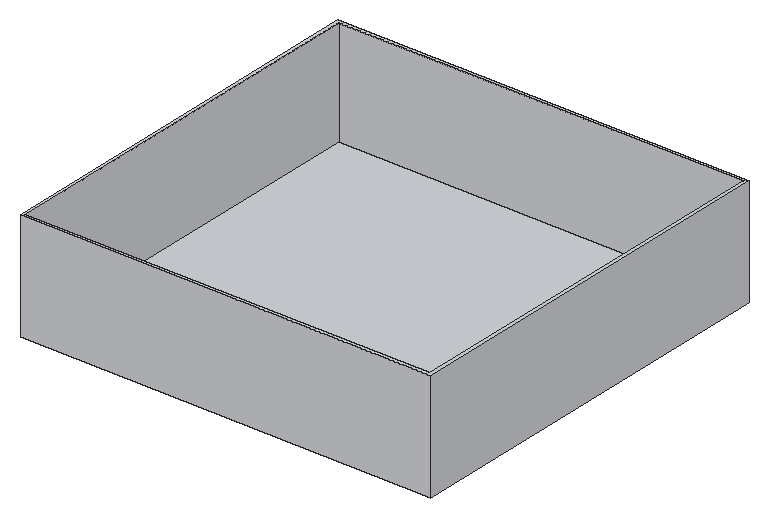
Revit family "Typ.B_TP&N_Cable_Spreader_Boxes_250A-empty-UK-en", category Electrical Equipment, host Face, Revit 2020
Family settings
  Host = Face
  Panel Configuration = Two Columns, Circuits Across
  Round Connector Dimension = Use Diameter
  Part Type = Panelboard
  Cut with Voids When Loaded = No
  Shared = No
  Room Calculation Point = No
Parameters (values of type "Surface mounted P2XC W465 H450 D124.5 0 Modular spacings - JK202LE")
  Width Control [instance] = if([HG000006 - Flush mounted], if([EF000846 - Built-in width] > min_whd, [EF000846 - Built-in width], min_whd), if([EF000008 - Width] > min_whd, ([EF000008 - Width]), min_whd))  # 465 mm
  Void Depth [instance] = if([HG000006 - Flush mounted], Depth Control, 1 mm)  # 1 mm
  Type Comments = [HG000003 - Range]  # "Type B TP&N Distribution Boards"
  System Height [instance] = Height Control - 2 * [HG000005 - Thickness]  # 444 mm
  Model = [HG000004 - Manufacturer reference]  # "JK202LE"
  HG000017 - Distance between poles = 18 mm
  HG000016 - Door 3d visibility [instance] = yes
  HG000015 - Clearance visibility [instance] = no
  HG000014 - Door on the right [instance] = yes
  HG000013 - Door on the left [instance] = not([HG000014 - Door on the right])  # no
  HG000012 - Door swing angle [instance] = 45.00°
  HG000011 - Empty rows from bottom = no
  HG000005 - Thickness = 3 mm  # constant formula
  Arrow Offset [instance] = Depth Control / 8  # 15.5 mm
  Arrow Height [instance] = Depth Control - Arrow Offset  # 108.5 mm
  Host Offset [instance] = if([HG000006 - Flush mounted], 0 mm, [EF000049 - Depth])  # 124 mm
  min_whd [instance] = (2 * [HG000005 - Thickness]) + 1 mm  # 7 mm
  Manufacturer = "Hager"  # constant formula
  Height Control [instance] = if([HG000006 - Flush mounted], if([EF000332 - Built-in height] > min_whd, [EF000332 - Built-in height], min_whd), if([EF000040 - Height] > min_whd, ([EF000040 - Height]), min_whd))  # 450 mm
  HG000010 - Asymmetric doors = no
  HG000009 - Double swing door = no
  HG000008 - Number of empty rows = 0
  HG000007 - Number of empty columns = 0
  HG000006 - Flush mounted = no
  HG000004 - Manufacturer reference = "JK202LE"
  HG000003 - Range = "Type B TP&N Distribution Boards"
  HG000002 - With door or cover = no
  HG000001 - Number of columns = 0
  Flush Mounted - Door Frame Width [instance] = if(([EF000040 - Height] - [EF000332 - Built-in height]) > 0 mm, if([HG000006 - Flush mounted], [EF000040 - Height] - [EF000332 - Built-in height], 0 mm), 0 mm)  # 0 mm
  EF015941 - Signal passing door = no
  EF015777 - Neutral terminal block = no
  EF015776 - Earthing terminal block = no
  EF009212 - Cover model = ""
  EF006306 - With lock = no
  EF006244 - Transparent cover/door = no
  EF005474 - Degree of protection (IP) = "EV009848 - IP2XC"
  EF004462 - Type of closure = "EV000154 - Other"
  EF002950 - Width in number of modular spacings = 0
  EF001596 - Material housing = "EV000179 - Steel"
  EF001134 - DIN-rail = no
  EF001131 - Internal depth = 0 mm
  EF001088 - Extension possible = no
  EF001062 - EMC-version = no
  EF000846 - Built-in width = 0 mm
  EF000339 - Type of cover = "EV005746 - Optional"
  EF000332 - Built-in height = 0 mm
  EF000266 - Number of rows = 0
  EF000218 - Built-in depth = 0 mm
  EF000118 - With mounting plate = no
  EF000116 - RAL-number = "7035"
  EF000049 - Depth = 124 mm
  EF000040 - Height = 450 mm
  EF000008 - Width = 465 mm
  EF000007 - Colour = "EV000154 - Other"
  EF000003 - Mounting method = "EV000384 - Surface mounted (plaster)"
  Depth Control [instance] = if([HG000006 - Flush mounted], if([EF000218 - Built-in depth] > 0 mm, [EF000218 - Built-in depth], 1 mm), if([EF000049 - Depth] > 0 mm, ([EF000049 - Depth]), 1 mm))  # 124 mm
  Default Elevation = 0 mm
Types (2, lengths in mm): name | System Height | Model | Height Control | HG000004 - Manufacturer reference | EF005474 - Degree of protection (IP) | EF000040 - Height
  Surface mounted  W465 H300 D124.5 0 Modular spacings - JK201SE | 294 | "JK201SE" | 300 | "JK201SE" | "" | 300
  Surface mounted P2XC W465 H450 D124.5 0 Modular spacings - JK202LE | 444 | "JK202LE" | 450 | "JK202LE" | "EV009848 - IP2XC" | 450
Reference planes
  plane 1 "Center (Front/Back)": y = 0
  plane 2: z = 0
  plane 3 "Center (Left/Right)": x = 0
  plane 4: z = 124
  plane 5: y = 3
  plane 6: z = 119
  plane 7: y = 225
  plane 8: y = 0
  plane 9: y = 450
  plane 10: z = 0
  plane 11: x = -232.5
  plane 12: x = 232.5
  plane 13: x = 229.5
  plane 14: x = -229.5
  plane 15: y = 447
  plane 16: z = 3
  plane 17: z = 121
  plane 18: z = -1
  plane 19: z = 121
Forms (mm)
  Extrusion 1, solid
    sketch origin (-583.045, 0, 1219.2) x (-1, 0, 0) y (0, 0, 1)
      loop
        line (-350.545, -1095.2) -> (-815.545, -1095.2) -> (-815.545, -1219.2) -> (-350.545, -1219.2) -> (-350.545, -1095.2)
    from 0 to 450 <- "Height Control"
  Extrusion 2, void
    sketch origin (-381.607, -4572, 124) x (0, -1, 0) y (-1, 0, 0)
      loop
        line (-5019, -152.107) -> (-5019, -611.107) -> (-4575, -611.107) -> (-4575, -152.107) -> (-5019, -152.107)
    from 0 to 121
  Extrusion 3, void
    sketch origin (0, 0, 0) x (1, 0, 0) y (0, 1, 0)
      loop
        line (-232.5, 0) -> (232.5, 0) -> (232.5, 450) -> (-232.5, 450) -> (-232.5, 0)
    from -1 to 1
  Extrusion 4, solid, detail levels coarse+medium
    sketch origin (-381.607, -4572, 124) x (-1, 0, 0) y (0, -1, 0)
      loop
        line (-152.107, -5019) -> (-152.107, -4575) -> (-611.107, -4575) -> (-611.107, -5019) -> (-152.107, -5019)
    from 0 to -3
Cuts and joins
  Extrusion 2 cuts Extrusion 1
Dimensions and locks
  plane 4 to plane 6 = 5 mm
  "Host Offset": plane 4 to host face
  "Flush Mounted - Door Frame Width": plane 1 "Center (Front/Back)" to plane 8
  "HG000005 - Thickness": plane 5 to plane 8
  locked: connector elem to plane 3 "Center (Left/Right)"
  "Height Control": plane 9 to plane 8
  equal spacing: plane 9, plane 7, plane 8
  locked: connector elem to plane 7
  "Depth Control": plane 4 to plane 10
  "HG000005 - Thickness": plane 11 to plane 14
  "HG000005 - Thickness": plane 12 to plane 13
  equal spacing: plane 11, plane 3 "Center (Left/Right)", plane 12
  "Width Control": plane 11 to plane 12
  "Arrow Offset": nested 4 to plane 10
  "HG000005 - Thickness": plane 9 to plane 15
  "HG000005 - Thickness": plane 16 to plane 10
  "HG000005 - Thickness": plane 4 to plane 17
  "Void Depth": plane 2 to plane 18
  "HG000005 - Thickness": plane 4 to plane 19
  aligned and locked: plane 2 to host face
  aligned and locked: level to host face
  aligned and locked: plane 3 "Center (Left/Right)" to nested 2
  aligned and locked: plane 4 to nested 2
  aligned and locked: nested 2 to plane 8
  aligned and locked: nested 1 to plane 6
  aligned and locked: nested 1 to plane 5
  aligned and locked: nested 4 to plane 11
  aligned and locked: nested 3 to plane 4
  aligned and locked: Extrusion 1 sketch curve to plane 12
  aligned and locked: Extrusion 1 sketch curve to plane 11
  aligned and locked: nested 3 to plane 10
  aligned and locked: plane 10 to Extrusion 1 sketch curve
  aligned and locked: Extrusion 2 sketch curve to plane 5
  aligned and locked: Extrusion 2 sketch curve to plane 15
  aligned and locked: Extrusion 2 sketch curve to plane 14
  aligned and locked: Extrusion 2 sketch curve to plane 13
  aligned and locked: plane 11 to Extrusion 3 sketch curve
  aligned and locked: plane 9 to Extrusion 3 sketch curve
  aligned and locked: Extrusion 3 sketch curve to plane 8
  aligned and locked: plane 12 to Extrusion 3 sketch curve
  aligned and locked: nested 3 to plane 12
  aligned and locked: Extrusion 3 to plane 18
  aligned and locked: Extrusion 2 to plane 16
  aligned and locked: Extrusion 1 sketch curve to plane 4
  aligned and locked: Extrusion 4 to plane 17
  aligned and locked: Extrusion 4 sketch curve to plane 15
  aligned and locked: Extrusion 4 sketch curve to plane 13
  aligned and locked: Extrusion 4 sketch curve to plane 14
  aligned and locked: Extrusion 4 sketch curve to plane 5
Automatic sketch dimensions
  host sketch curve to host sketch curve = 1469.727 mm
  host sketch curve to host sketch curve = 1434.803 mm
Nested families
  nested 1: "Hager_Enclosure_System" at (0, 3, 119) x (1, 0, 0) z (0, 1, 0), Depth <- "HG000005 - Thickness", Height <- "System Height", Width <- "EF000008 - Width", Border <- "HG000005 - Thickness", Flush_Mounted <- "HG000006 - Flush mounted", Built-in_Width <- "EF000846 - Built-in width", Row_Module_Multiplicator <- "EF002950 - Width in number of modular spacings", Total_No_Empty_Rows <- "HG000008 - Number of empty rows", Total_No_Rows <- "EF000266 - Number of rows", Empty_Columns <- "HG000007 - Number of empty columns", Width_Control <- "Width Control", Empty_Rows_From_Bottom <- "HG000011 - Empty rows from bottom", Distance_Between_Poles <- "HG000017 - Distance between poles", Rows_Count <- "EF000266 - Number of rows", Columns_Count <- "HG000001 - Number of columns", type "Hager_Enclosure_System", detail levels fine
    with Width_Control 465 mm, Width 465 mm, Total_No_Rows 0, Total_No_Empty_Rows 0, Total_No_Columns 1, System_Width 459 mm, Rows_Count 0, Rows_Column 0, Row_Module_Multiplicator 0, Panel_4 no, Panel_3 no, Panel_2 no, Panel_1 no, No_Panels_Ctrl 1, Hide_Columns yes, Height 444 mm, Flush_Mounted no, Empty_Rows_From_Bottom no, Empty_Rows_Column 0, Empty_Columns 0, Distance_Between_Poles 18 mm, Depth 3 mm, Columns_Count 0, Column_Width 459 mm, Built-in_Width 0 mm, Border 3 mm
  nested 2: "Hager_Enclosure_Door" at (0, 0, 124) x (1, 0, 0) z (0, 1, 0), Border <- "HG000005 - Thickness", Door_Right <- "HG000014 - Door on the right", Flush_Mounted <- "HG000006 - Flush mounted", Depth <- "EF000049 - Depth", Width <- "EF000008 - Width", Door_Left <- "HG000013 - Door on the left", 3d_Door <- "HG000016 - Door 3d visibility", BuiltIn_Width <- "EF000846 - Built-in width", BuiltIn_Height <- "EF000332 - Built-in height", BuiltIn_Depth <- "EF000218 - Built-in depth", Angle <- "HG000012 - Door swing angle", Assymetrical <- "HG000010 - Asymmetric doors", Double <- "HG000009 - Double swing door", Clearance <- "HG000015 - Clearance visibility", Transparent <- "EF006244 - Transparent cover/door", Door <- "HG000002 - With door or cover", Height_Ctrl <- "Height Control", Width_Ctrl <- "Width Control", Height <- "EF000040 - Height", type "Hager_Enclosure_Door", detail levels medium+fine
    with min_wh 7 mm, Width_Ctrl 465 mm, Width 465 mm, Transparent_Door_No_Bottom_Border no, Transparent no, Leaf_Width 456 mm, Leaf_Tolerance 1.5 mm, Leaf_Height 441 mm, Leaf_2_Width 456 mm, Leaf_2_Offset 228 mm, Leaf_1_Width 456 mm, Leaf_1_Offset 228 mm, Height_Ctrl 450 mm, Height 450 mm, Frame_Width_Ctrl 465 mm, Frame_Width 465 mm, Frame_Internal_Offset 0 mm, Frame_Height_Ctrl 450 mm, Frame_Height 450 mm, Frame_Depth_Ctrl 1 mm, Frame_Depth 0 mm, Flush_Mounted no, Double_Clearance_Ctrl no, Double no, Door_Right_Ctrl no, Door_Right yes, Door_Left_Ctrl no, Door_Left no, Door no, Depth 124 mm, Clearance_Depth 456 mm, Clearance_Ctrl no, Clearance no, BuiltIn_Width 0 mm, BuiltIn_Height 0 mm, BuiltIn_Depth 0 mm, Border 3 mm, Assymetrical no, Angle 45.00°, 3d_Door yes
  nested 3: "Hager_Enclosure_Symbol_Triangle" at (-232.5, 0, 0) x (1, 0, 0) z (0, -1, 0), Depth <- "Depth Control", Width <- "Width Control", type "Hager_Enclosure_Symbol_Triangle"
    with Width_Ctrl 465 mm, Width 465 mm, Depth_Ctrl 124 mm, Depth 124 mm
  nested 4: "Hager_Enclosure_Symbol_Arrow" at (-232.5, 0, 15.5) x (1, 0, 0) z (0, -1, 0), Height <- "Arrow Height", type "Hager_Enclosure_Symbol_Arrow"
    with Width_Inside 8.137 mm, Width 97.65 mm, Height_Ctrl 108.5 mm, Height 108.5 mm
Connectors
  electrical at (0, 225, 0)
    settings: on plane 10, index 1, voltage 0 V, apparent load 0 VA, apparent load phase1 0 VA, apparent load phase2 0 VA, apparent load phase3 0 VA, power factor 1, load classification "Other", number of poles 1, system type 30, power factor state 1, is connector primary yes, connector utility no, sub classification motor no, connector description ""
Definition of nested family "Hager_Enclosure_Door"
  Parameters (values of type "Hager_Enclosure_Door")
    min_wh [instance] = (2 * Border) + 1 mm  # 11 mm
    Width_Ctrl [instance] = 400 mm
    Width [instance] = 500 mm
    Transparent_Door_No_Bottom_Border [instance] = no
    Transparent [instance] = yes
    Leaf_Width [instance] = if((Width_Ctrl - 2 * Border - 2 * Leaf_Tolerance) > 0 mm, (Width_Ctrl - 2 * Border - 2 * Leaf_Tolerance), min_wh)  # 387 mm
    Leaf_Tolerance [instance] = 1.5 mm  # constant formula
    Leaf_Height [instance] = if((Height_Ctrl - 2 * Border - 2 * Leaf_Tolerance) > 0 mm, (Height_Ctrl - 2 * Border - 2 * Leaf_Tolerance), min_wh)  # 387 mm
    Leaf_2_Width [instance] = if(and(and(Double, Assymetrical), Door_Left), (Leaf_Width / 3) - (Leaf_Tolerance / 2), if(and(and(Double, Assymetrical), Door_Right), (Leaf_Width / 3) * 2 - (Leaf_Tolerance / 2), if(and(Double, not(Assymetrical)), (Leaf_Width / 2) - Leaf_Tolerance, Leaf_Width)))  # 387 mm
    Leaf_2_Offset [instance] = if(and(Double, Assymetrical), Leaf_2_Width / 2, if(and(Double, not(Assymetrical)), Leaf_Width / 4, Leaf_Width / 2))  # 193.5 mm
    Leaf_1_Width [instance] = if(and(and(Double, Assymetrical), Door_Right), (Leaf_Width / 3) - (Leaf_Tolerance / 2), if(and(and(Double, Assymetrical), Door_Left), (Width / 3) * 2 - (Leaf_Tolerance / 2), if(and(Double, not(Assymetrical)), (Leaf_Width / 2) - Leaf_Tolerance, Leaf_Width)))  # 387 mm
    Leaf_1_Offset [instance] = if(and(Double, Assymetrical), Leaf_1_Width / 2, if(and(Double, not(Assymetrical)), Leaf_Width / 4, Leaf_Width / 2))  # 193.5 mm
    Height_Ctrl [instance] = 400 mm
    Height [instance] = 500 mm
    Frame_Width_Ctrl [instance] = if(Frame_Width > 0 mm, Frame_Width, 1 mm)  # 1 mm
    Frame_Width [instance] = Width - BuiltIn_Width  # 0 mm
    Frame_Internal_Offset [instance] = if(Flush_Mounted, Border, 0 mm)  # 5 mm
    Frame_Height_Ctrl [instance] = if(Frame_Height > 0 mm, Frame_Height, 1 mm)  # 1 mm
    Frame_Height [instance] = Height - BuiltIn_Height  # 0 mm
    Frame_Depth_Ctrl [instance] = if(Frame_Depth > 0 mm, Frame_Depth, 1 mm)  # 1 mm
    Frame_Depth [instance] = if(Depth - BuiltIn_Depth > 0 mm, if(Flush_Mounted, Depth - BuiltIn_Depth, 0 mm), 0 mm)  # 0 mm
    Flush_Mounted [instance] = yes
    Double_Clearance_Ctrl [instance] = and(Double, Clearance)  # no
    Double [instance] = no
    Door_Right_Ctrl [instance] = and(or(Door_Right, Double), Door)  # yes
    Door_Right [instance] = yes
    Door_Left_Ctrl [instance] = and(or(Door_Left, Double), Door)  # no
    Door_Left [instance] = no
    Door [instance] = yes
    Depth [instance] = 500 mm
    Default Elevation = 1219.2 mm
    Clearance_Material = none
    Clearance_Depth [instance] = if(Leaf_1_Width > Leaf_2_Width, Leaf_1_Width, Leaf_2_Width)  # 387 mm
    Clearance_Ctrl [instance] = and(not(Double), Clearance)  # yes
    Clearance [instance] = yes
    BuiltIn_Width [instance] = 500 mm
    BuiltIn_Height [instance] = 500 mm
    BuiltIn_Depth [instance] = 500 mm
    Border [instance] = 5 mm
    Assymetrical [instance] = yes
    Angle [instance] = 30.00°
    3d_Door [instance] = yes
  Reference planes
    plane 1 "Center (Front/Back)": y = 0
    plane 2 "Bottom": z = 0
    plane 3 "Center (Left/Right)": x = 0
    plane 4: z = 400
    plane 5: x = -200
    plane 6: x = 200
    plane 7: z = 395
    plane 8: x = -195
    plane 9: z = 5
    plane 10: x = 195
    plane 11: y = 0
    plane 12: z = 6.5
    plane 13: x = -582
    plane 14: y = -387
    plane 15: x = 582
    plane 16: x = 0
    plane 17: x = 0
    plane 18: x = -193.5
    plane 19: x = 193.5
    plane 20: z = 393.5
  Forms (mm)
    Extrusion 1, solid, visible <- "Flush_Mounted"
      sketch origin (0, 0, 0) x (1, 0, 0) y (0, 0, 1)
        loop
          line (195, 5) -> (195, 395) -> (-195, 395) -> (-195, 5) -> (195, 5)
        loop
          line (-201, 401) -> (-201, -1) -> (201, -1) -> (201, 401) -> (-201, 401)
      from 0 to 1 <- "Frame_Depth_Ctrl"
    Extrusion 2, solid, material <- "Clearance_Material", visible <- "Double_Clearance_Ctrl"
      sketch origin (1200, 0, 0) x (1, 0, 0) y (0, 0, -1)
        loop
          line (-1782, -393.5) -> (-618, -393.5) -> (-618, 0) -> (-1782, 0) -> (-1782, -393.5)
      from 0 to -387
  Dimensions and locks
    equal spacing: plane 5, plane 3 "Center (Left/Right)", plane 6
    "Width_Ctrl": plane 5 to plane 6
    "Border": plane 5 to plane 8
    "Border": plane 6 to plane 10
    "Border": plane 9 to level
    "Border": plane 4 to plane 7
    "Height_Ctrl": plane 4 to level
    "Leaf_Tolerance": plane 12 to plane 9
    "Frame_Depth": plane 11 to plane 1 "Center (Front/Back)"
    "Frame_Width_Ctrl": plane 5 to Extrusion 1 sketch curve
    "Frame_Width_Ctrl": plane 6 to Extrusion 1 sketch curve
    "Frame_Width_Ctrl": Extrusion 1 sketch curve to plane 4
    "Frame_Width_Ctrl": plane 2 "Bottom" to Extrusion 1 sketch curve
    "Leaf_1_Offset": plane 18 to plane 16
    "Leaf_2_Offset": plane 17 to plane 19
    "Leaf_1_Width": plane 13 to plane 8
    "Leaf_2_Width": plane 10 to plane 15
    "Clearance_Depth": plane 14 to plane 1 "Center (Front/Back)"
    "Leaf_Tolerance": plane 8 to plane 18
    "Leaf_Tolerance": plane 19 to plane 10
    "Leaf_Tolerance": plane 7 to plane 20
    "Frame_Internal_Offset": plane 5 to Extrusion 1 sketch curve
    "Frame_Internal_Offset": Extrusion 1 sketch curve to plane 2 "Bottom"
    "Frame_Internal_Offset": plane 6 to Extrusion 1 sketch curve
    "Frame_Internal_Offset": plane 4 to Extrusion 1 sketch curve
    aligned and locked: level to plane 2 "Bottom"
    aligned and locked: nested 1 to plane 16
    aligned and locked: nested 2 to plane 17
    aligned and locked: Extrusion 2 to plane 13
    aligned and locked: plane 15 to Extrusion 2
    aligned and locked: Extrusion 2 to plane 14
    aligned and locked: plane 12 to nested 1
    aligned and locked: nested 2 to plane 12
    aligned and locked: Extrusion 2 to plane 11
    aligned and locked: plane 20 to Extrusion 2
    aligned and locked: nested 2 to plane 11
    aligned and locked: nested 1 to plane 11
  Automatic sketch dimensions
    Extrusion 2 sketch curve to level = 0 mm
    plane 5 to Extrusion 2 sketch curve = 382 mm
    plane 6 to Extrusion 2 sketch curve = 382 mm
    Extrusion 2 sketch curve to plane 4 = 6.5 mm
  Nested families
    nested 1: "Hager_Enclosure_Door_Leaf" at (0, 0, 6.5), Width <- "Leaf_1_Width", visible <- "Door_Left_Ctrl", Leaf_Height <- "Leaf_Height", Angle <- "Angle", Depth <- "Border", 3d_Door <- "3d_Door", Transparent <- "Transparent", Clearance Material <- "Clearance_Material", Clearance <- "Clearance_Ctrl", Transparent_Door_No_Bottom_Border <- "Transparent_Door_No_Bottom_Border", type "Hager_Enclosure_Door_Leaf"
      with Width 387 mm, Transparent_Door_No_Bottom_Border no, Transparent_Door_Border_Bottom_Top 25 mm, Transparent_Door_Border 25 mm, Transparent_Ctrl yes, Transparent yes, Standard no, Leaf_Height 387 mm, Glass_Offset 1 mm, Depth 5 mm, Clearance Material none, Clearance yes, Angle_Ctrl 30.00°, Angle 30.00°, 3d_Door yes
    nested 2: "Hager_Enclosure_Door_Leaf" at (0, 0, 6.5) x (-1, 0, 0) z (0, 0, 1), Width <- "Leaf_2_Width", visible <- "Door_Right_Ctrl", Leaf_Height <- "Leaf_Height", Angle <- "Angle", Depth <- "Border", 3d_Door <- "3d_Door", Transparent <- "Transparent", Clearance Material <- "Clearance_Material", Clearance <- "Clearance_Ctrl", Transparent_Door_No_Bottom_Border <- "Transparent_Door_No_Bottom_Border", type "Hager_Enclosure_Door_Leaf"
      with Width 387 mm, Transparent_Door_No_Bottom_Border no, Transparent_Door_Border_Bottom_Top 25 mm, Transparent_Door_Border 25 mm, Transparent_Ctrl yes, Transparent yes, Standard no, Leaf_Height 387 mm, Glass_Offset 1 mm, Depth 5 mm, Clearance Material none, Clearance yes, Angle_Ctrl 30.00°, Angle 30.00°, 3d_Door yes
  Definition of nested family "Hager_Enclosure_Door_Leaf"
    Parameters (values of type "Hager_Enclosure_Door_Leaf")
      Width [instance] = 2000 mm
      Transparent_Door_No_Bottom_Border [instance] = yes
      Transparent_Door_Border_Bottom_Top [instance] = if(Transparent_Door_No_Bottom_Border, 0.1 mm, Transparent_Door_Border)  # 0.1 mm
      Transparent_Door_Border [instance] = if(Transparent_Door_No_Bottom_Border, (Width * 0.12), 25 mm)  # 240 mm
      Transparent_Ctrl [instance] = and(Transparent, [3d_Door])  # yes
      Transparent [instance] = yes
      Standard [instance] = and(not(Transparent), [3d_Door])  # no
      Leaf_Height [instance] = 2720.336 mm
      Glass_Offset [instance] = if((Depth - 10 mm) / 2 > 0 mm, (Depth - 10 mm) / 2, 1 mm)  # 15 mm
      Glass_Material = none
      Depth [instance] = 40 mm
      Default Elevation = 0 mm
      Clearance Material [instance] = none
      Clearance [instance] = yes
      Angle_Ctrl [instance] = if(Angle > 170.00°, 170.00°, Angle)  # 45.00°
      Angle [instance] = 45.00°
      3d_Door [instance] = yes
    Reference planes
      plane 1 "Center (Front/Back)": y = 0
      plane 2: z = 0
      plane 3 "Center (Left/Right)": x = 0
      plane 4: y = 2000
      plane 5: x = -1000
      plane 6: x = 1000
      plane 7: x = -3000
      plane 8: z = 2720.336
      plane 9: z = 0.1
      plane 10: z = 2720.236
      plane 11: x = 760
      plane 12: x = -760
    Forms (mm)
      Extrusion 1, solid, material <- "Clearance Material", visible <- "Clearance"
        sketch origin (0, 0, 0) x (1, 0, 0) y (0, 0, 1)
          loop
            line (-3000, 2720.336) -> (-3000, 0) -> (1000, 0) -> (1000, 2720.336) -> (-3000, 2720.336)
        from 0 to -2000
      Extrusion 2, solid, visible <- "Standard", detail levels medium+fine
        sketch origin (-1000, 0, 0) x (0.707107, 0.707107, 0) y (-0.707107, 0.707107, 0)
          loop
            line (0, -40) -> (2000, -40) -> (2000, 0) -> (0, 0) -> (0, -40)
        from 0 to 2720.336 <- "Leaf_Height"
      Extrusion 3, solid, visible <- "Transparent_Ctrl", detail levels medium+fine
        sketch origin (-1000, 0, 0) x (0.707107, 0.707107, 0) y (-0.707107, 0.707107, 0)
          loop
            line (0, -40) -> (2000, -40) -> (2000, 0) -> (0, 0) -> (0, -40)
        from 0 to 2720.336 <- "Leaf_Height"
      Extrusion 4, void, detail levels medium+fine
        sketch origin (-1000, 0, 0) x (-0.707107, 0.707107, 0) y (0.707107, 0.707107, 0)
          loop
            line (0, 240) -> (0, 1760) -> (-40, 1760) -> (-40, 240) -> (0, 240)
        from -2720.236 to -0.1
      Extrusion 5, solid, material <- "Glass_Material", visible <- "Transparent_Ctrl", detail levels medium+fine
        sketch origin (-1000, 0, 0) x (0.707107, 0.707107, 0) y (-0.707107, 0.707107, 0)
          loop
            line (240, -15) -> (240, -25) -> (1760, -25) -> (1760, -15) -> (240, -15)
        from 0.1 to 2720.236
    Cuts and joins
      Extrusion 4 cuts Extrusion 3
    Lines and regions (mm)
      symbolic lines
        curve 1: line (1000, 0, 0) -> (-3000, 0, 0)
        curve 2: arc (1000, 0, 0) -> (-1000, 2000, 0) -> (-3000, 0, 0) r 2000
        curve 4: line (-1000, 0, 0) -> (414.214, 1414.214, 0)
      reference lines
        curve 3: line (-1000, 0, 0) -> (414.214, 1414.214, 0)
      symbolic lines, detail levels medium+fine
        curve 5: line (414.214, 1414.214, 0) -> (442.498, 1385.929, 0)
        curve 6: line (442.498, 1385.929, 0) -> (-971.716, -28.284, 0)
        curve 7: line (-971.716, -28.284, 0) -> (-1000, 0, 0)
        curve 8: line (-1000, 0, 2720.336) -> (1000, 0, 2720.336)
        curve 9: line (-1000, 0, 0) -> (-1000, 0, 2720.336)
        curve 10: line (1000, 0, 0) -> (-1000, 0, 0)
        curve 11: line (1000, 0, 2720.336) -> (1000, 0, 0)
      symbolic lines, visible <- "Transparent_Ctrl", detail levels medium+fine
        curve 12: line (-760, 0, 2720.236) -> (760, 0, 2720.236)
        curve 13: line (-760, 0, 0.1) -> (-760, 0, 2720.236)
        curve 14: line (760, 0, 0.1) -> (-760, 0, 0.1)
        curve 15: line (760, 0, 2720.236) -> (760, 0, 0.1)
    Dimensions and locks
      "Width": plane 1 "Center (Front/Back)" to plane 4
      equal spacing: plane 5, plane 3 "Center (Left/Right)", plane 6
      "Width": plane 5 to plane 6
      "Width": plane 7 to plane 5
      "Leaf_Height": plane 8 to level
      "Depth": curve 6 to curve 3
      "Width": curve 5 to curve 3
      "Width": curve 3 to curve 3
      "Transparent_Door_Border": Extrusion 4 sketch curve to curve 7
      "Transparent_Door_Border": Extrusion 4 sketch curve to curve 5
      "Transparent_Door_Border_Bottom_Top": plane 8 to plane 10
      "Transparent_Door_Border_Bottom_Top": plane 9 to level
      "Glass_Offset": Extrusion 5 sketch curve to curve 4
      "Glass_Offset": Extrusion 5 sketch curve to curve 6
      "Transparent_Door_Border": Extrusion 5 sketch curve to curve 5
      "Transparent_Door_Border": Extrusion 5 sketch curve to curve 7
      "Transparent_Door_Border": plane 12 to plane 5
      "Transparent_Door_Border": plane 6 to plane 11
      "Angle_Ctrl": angle plane 1 "Center (Front/Back)" to curve 3
      aligned and locked: level to plane 2
      aligned and locked: Extrusion 1 to curve 1
      aligned and locked: plane 6 to Extrusion 1
      aligned and locked: Extrusion 1 to plane 1 "Center (Front/Back)"
      aligned and locked: plane 4 to Extrusion 1
      aligned and locked: plane 8 to Extrusion 1
      aligned and locked: curve 4 to curve 3
      aligned and locked: Extrusion 2 sketch curve to curve 7
      aligned and locked: Extrusion 2 sketch curve to curve 6
      aligned and locked: Extrusion 2 sketch curve to curve 5
      aligned and locked: Extrusion 2 sketch curve to curve 3
      aligned and locked: curve 7 to Extrusion 3 sketch curve
      aligned and locked: Extrusion 3 sketch curve to curve 4
      aligned and locked: Extrusion 3 sketch curve to curve 6
      aligned and locked: Extrusion 3 sketch curve to curve 5
      aligned and locked: curve 4 to Extrusion 4 sketch curve
      aligned and locked: curve 6 to Extrusion 4 sketch curve
      aligned and locked: Extrusion 4 to plane 9
      aligned and locked: Extrusion 4 to plane 10
      aligned and locked: Extrusion 5 to plane 9
      aligned and locked: Extrusion 5 to plane 10
      aligned and locked: curve 8 to plane 8
      aligned and locked: plane 5 to curve 9
      aligned and locked: plane 2 to curve 10
      aligned and locked: curve 11 to plane 6
      aligned and locked: plane 10 to curve 12
      aligned and locked: plane 12 to curve 13
      aligned and locked: curve 14 to plane 9
      aligned and locked: plane 11 to curve 15
    Automatic sketch dimensions
      plane 1 "Center (Front/Back)" to curve 2 = 0 mm
      curve 2 to plane 5 = 0 mm
      Extrusion 1 sketch curve to level = 0 mm
      Extrusion 1 sketch curve to plane 7 = 0 mm
      Extrusion 1 sketch curve to plane 6 = 0 mm
      Extrusion 1 sketch curve to plane 8 = 0 mm
      plane 1 "Center (Front/Back)" to curve 3 = 0 mm
      curve 3 to plane 5 = 0 mm
      curve 7 to curve 3 = 0 mm
Definition of nested family "Hager_Enclosure_Symbol_Triangle"
  Parameters (values of type "Hager_Enclosure_Symbol_Triangle")
    Width_Ctrl [instance] = if(Width > 1 mm, Width, 1 mm)  # 498 mm
    Width [instance] = 498 mm
    Depth_Ctrl [instance] = if(Depth > 1 mm, Depth, 1 mm)  # 72 mm
    Depth [instance] = 72 mm
  Reference planes
    plane 1 "Centre (avant/arrière)": y = 0
    plane 2: z = 0
    plane 3 "Centre (gauche/droite)": x = 0
  Lines and regions (mm)
    Filled region 1, type "Solid_Black", in view "Niveau de réf."
      outline origin (0, 0, 0) x (1, 0, 0) y (0, 1, 0)
        loop
          line (0, 0) -> (498, 0) -> (498, 72) -> (0, 0)
    reference lines, in view "Niveau de réf."
      curve 1: line (-206.153, 72, 0) -> (1083.258, 72, 0)
      curve 2: line (498, 405.456, 0) -> (498, -517.619, 0)
  Dimensions and locks
    "Depth_Ctrl": plane 1 "Centre (avant/arrière)" to curve 1
    "Width_Ctrl": plane 3 "Centre (gauche/droite)" to curve 2
    aligned and locked: curve 1 to Filled region 1 sketch curve
    aligned and locked: Filled region 1 sketch curve to plane 1 "Centre (avant/arrière)"
    aligned and locked: curve 2 to Filled region 1 sketch curve
    aligned and locked: plane 3 "Centre (gauche/droite)" to Filled region 1 sketch curve
    aligned and locked: plane 1 "Centre (avant/arrière)" to Filled region 1 sketch curve
  Automatic sketch dimensions
    curve 1 to plane 3 "Centre (gauche/droite)" = 206.153 mm
    curve 2 to curve 1 = 585.258 mm
    plane 1 "Centre (avant/arrière)" to curve 2 = 517.619 mm
    curve 2 to plane 1 "Centre (avant/arrière)" = 405.456 mm
Definition of nested family "Hager_Enclosure_Symbol_Arrow"
  Parameters (values of type "Hager_Enclosure_Symbol_Arrow")
    Width_Inside [instance] = if(Width / 12 > 2 mm, Width / 12, 2 mm)  # 4.987 mm
    Width [instance] = if(Height_Ctrl * 0.9 > 2 mm, Height_Ctrl * 0.9, 2 mm)  # 59.85 mm
    Height_Ctrl [instance] = if(Height > 2 mm, Height, 2 mm)  # 66.5 mm
    Height [instance] = 66.5 mm
  Reference planes
    plane 1 "Centre (avant/arrière)": y = 0
    plane 2: z = 0
    plane 3 "Centre (gauche/droite)": x = 0
    plane 4: x = 59.85
    plane 5: y = 28.263
    plane 6: y = 38.238
    plane 7: y = 66.5
    plane 8: x = 29.925
    plane 9: y = 33.25
  Lines and regions (mm)
    Filled region 1, type "Solid_Black", in view "Niveau de réf."
      outline origin (0, 0, 0) x (1, 0, 0) y (0, 1, 0)
        loop
          line (59.85, 66.5) -> (37.929, 52.827) -> (51.846, 41.935) -> (59.85, 66.5)
    detail lines, in view "Niveau de réf."
      curve 1: line (0, 0, 0) -> (29.925, 38.238, 0)
      curve 2: line (29.925, 38.238, 0) -> (29.925, 28.263, 0)
      curve 3: line (29.925, 28.263, 0) -> (59.85, 66.5, 0)
  Dimensions and locks
    "Width": plane 3 "Centre (gauche/droite)" to plane 4
    "Height_Ctrl": plane 7 to plane 1 "Centre (avant/arrière)"
    equal spacing: plane 3 "Centre (gauche/droite)", plane 8, plane 4
    equal spacing: plane 7, plane 9, plane 1 "Centre (avant/arrière)"
    equal spacing: plane 6, plane 9, plane 5
    "Width_Inside": plane 6 to plane 9
    equal spacing: curve 3, Filled region 1 sketch curve, Filled region 1 sketch curve
    angle Filled region 1 sketch curve to curve 3 = 20.00°
    angle curve 3 to Filled region 1 sketch curve = 20.00°
    locked: curve 3 to Filled region 1 sketch curve (angle 90.00°)
  Automatic sketch dimensions
    plane 1 "Centre (avant/arrière)" to curve 1 = 0 mm
    curve 1 to plane 3 "Centre (gauche/droite)" = 0 mm
    curve 2 to plane 6 = 0 mm
    curve 3 to plane 8 = 0 mm
    curve 3 to plane 4 = 0 mm
    curve 2 to plane 5 = 0 mm
    curve 3 to plane 7 = 0 mm
    Filled region 1 sketch curve to plane 4 = 0 mm
    Filled region 1 sketch curve to plane 7 = 0 mm
